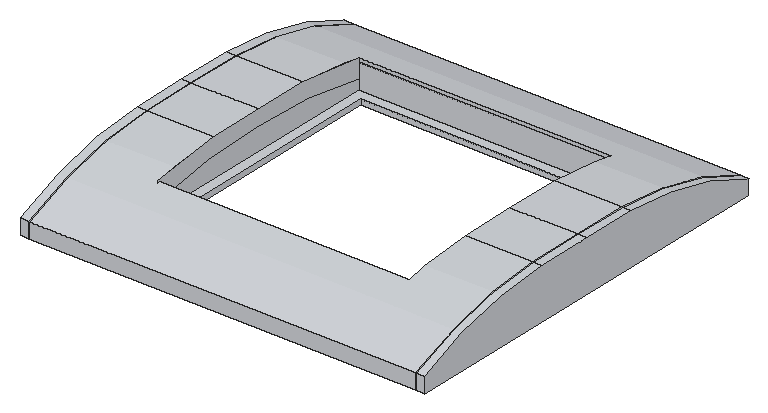
Revit family "Gira_021171", category Electrical Fixtures, host Face, Revit 2017
Family settings
  Host = Face
  Maintain Annotation Orientation = No
  Round Connector Dimension = Use Diameter
  Part Type = Normal
  Cut with Voids When Loaded = No
  Shared = No
  Room Calculation Point = No
Parameters (values of type "Abdeckrahmen 1f Zwischenr. F Alu Gira Event Reinweiß m")
  Werkstoffgüte = "Thermoplast"
  Werkstoff = "Kunststoff"
  URL = "http://katalog.gira.de/de_DE/datenblatt.html?artikelnr=021171"
  Transparent = "No"
  Textfeld/Beschriftungsfläche = "No"
  Schutzart (IP) = "IP20"
  Region = "DE"
  Oberfläche = "sonstige"
  Name = "Abdeckrahmen 1f Zwischenr. F Alu Gira Event Reinweiß m"
  Montagerichtung = "horizontal und vertikal"
  Mit Montagerahmen = "No"
  Mit Klappdeckel = "No"
  Manufacturer URL = "https://www.gira.de/"
  Keynote = "Event_Rahmen_1fach"
  HeinzeBIM = "https://bimportal.heinze.de/bim/abdeckrahmen-1f-zwischenr-f-alu-gira-event-reinweiss-m/036c7d6e9e4e5d44e5ad7e4e570318e6bf12a1b6"
  Halogenfrei = "Yes"
  HAN = "021171"
  Geeignet für Unterputz-Installation = "Yes"
  Geeignet für Unterflurkanaldose = "No"
  Geeignet für Geräteeinbaukanal = "No"
  Geeignet für Einbauinstallation = "No"
  GTIN = "4010337211716"
  Farbe = "weiß"
  Default Elevation = 1219.2 mm
  Data sheet (1) = "https://katalog.gira.de/de_DE/download.html?artikelnr=021171"
  Category = "Abdeckrahmen"
  Befestigungsart = "Klemmbefestigung"
  Available = "Yes"
  Anzahl der Einheiten vertikal = "1 "
  Anzahl der Einheiten horizontal = "1 "
  Anzahl der Einheiten = "1 "
Reference planes
  plane 1 "Center (Front/Back)": y = 0
  plane 2: z = 0
  plane 3 "Center (Left/Right)": x = 0
Forms (mm)
  Extrusion 1, solid, detail levels fine
    sketch origin (0, 0, 1.55) x (0, 1, 0) y (0, 0, 1)
      loop
        arc (12.445, 9.683) -> (6.223, 9.833) -> (0, 9.85) r 291.636
        arc (0, 9.85) -> (-6.223, 9.833) -> (-12.445, 9.683) r 291.636
        arc (-12.445, 9.683) -> (-29.14, 7.482) -> (-45, 1.823) r 79.728
        line (-45, 1.823) -> (-45, -1.55) -> (-41.777, -1.55) -> (-41.777, -0.55)
        arc (-41.777, -0.55) -> (-21.205, 4.846) -> (0, 6.467) r 118.15
        arc (0, 6.467) -> (21.205, 4.846) -> (41.777, -0.55) r 118.15
        line (41.777, -0.55) -> (41.777, -1.55) -> (45, -1.55) -> (45, 1.823)
        arc (45, 1.823) -> (29.14, 7.482) -> (12.445, 9.683) r 79.728
    from -43 to 43
  Extrusion 2, void, detail levels fine
    sketch origin (0, 0, 0) x (1, 0, 0) y (0, 1, 0)
      loop
        line (-28, -28) -> (28, -28) -> (28, 28) -> (-28, 28) -> (-28, -28)
    from 2.85 to 12
  Extrusion 3, solid, detail levels coarse
    sketch origin (0, 0, 0) x (1, 0, 0) y (0, 1, 0)
      loop
        line (-45, 45) -> (-45, -45) -> (45, -45) -> (45, 45) -> (-45, 45)
    from 0 to 11.4
  Extrusion 4, solid, detail levels medium
    sketch origin (0, 0, 1.55) x (0, 1, 0) y (0, 0, 1)
      loop
        arc (12.445, 9.683) -> (6.223, 9.833) -> (0, 9.85) r 291.636
        arc (0, 9.85) -> (-6.223, 9.833) -> (-12.445, 9.683) r 291.636
        arc (-12.445, 9.683) -> (-29.14, 7.482) -> (-45, 1.823) r 79.728
        line (-45, 1.823) -> (-45, -1.55) -> (45, -1.55) -> (45, 1.823)
        arc (45, 1.823) -> (29.14, 7.482) -> (12.445, 9.683) r 79.728
    from -45 to 45
  Extrusion 5, solid, detail levels fine
    sketch origin (0, 0, 0) x (0, 1, 0) y (0, 0, 1)
      loop
        arc (45, 3.373) -> (29.14, 9.032) -> (12.445, 11.233) r 79.728
        arc (12.445, 11.233) -> (6.223, 11.383) -> (0, 11.4) r 291.636
        arc (0, 11.4) -> (-6.223, 11.383) -> (-12.445, 11.233) r 291.636
        arc (-12.445, 11.233) -> (-29.14, 9.032) -> (-45, 3.373) r 79.728
        line (-45, 3.373) -> (-45, 0) -> (45, 0) -> (45, 3.373)
    from 43 to 45
  Extrusion 6, solid, detail levels fine
    sketch origin (0, 0, 0) x (0, 1, 0) y (0, 0, -1)
      loop
        line (45, -3.373) -> (45, 0) -> (-45, 0) -> (-45, -3.373)
        arc (-45, -3.373) -> (-29.14, -9.032) -> (-12.445, -11.233) r 79.728
        arc (-12.445, -11.233) -> (-6.223, -11.383) -> (0, -11.4) r 291.636
        arc (0, -11.4) -> (6.223, -11.383) -> (12.445, -11.233) r 291.636
        arc (12.445, -11.233) -> (29.14, -9.032) -> (45, -3.373) r 79.728
    from 43 to 45
  Extrusion 7, solid, detail levels fine
    sketch origin (0, 0, 0) x (1, 0, 0) y (0, 1, 0)
      loop
        line (-25.7, 25.7) -> (-25.7, -25.7) -> (25.7, -25.7) -> (25.7, 25.7) -> (-25.7, 25.7)
      loop
        line (-29.495, 27.895) -> (-29.495, -27.895)
        spline (-29.495, -27.895) -> (-29.486, -28.025) -> (-29.461, -28.154) -> (-29.419, -28.278) -> (-29.361, -28.395) -> (-29.288, -28.504) -> (-29.202, -28.602) -> (-29.104, -28.688) -> (-28.995, -28.761) -> (-28.878, -28.819) -> (-28.754, -28.861) -> (-28.625, -28.886) -> (-28.495, -28.895)
        line (-28.495, -28.895) -> (28.495, -28.895)
        spline (28.495, -28.895) -> (28.625, -28.886) -> (28.754, -28.861) -> (28.878, -28.819) -> (28.995, -28.761) -> (29.104, -28.688) -> (29.202, -28.602) -> (29.288, -28.504) -> (29.361, -28.395) -> (29.419, -28.278) -> (29.461, -28.154) -> (29.486, -28.025) -> (29.495, -27.895)
        line (29.495, -27.895) -> (29.495, 27.895)
        spline (29.495, 27.895) -> (29.486, 28.025) -> (29.461, 28.154) -> (29.419, 28.278) -> (29.361, 28.395) -> (29.288, 28.504) -> (29.202, 28.602) -> (29.104, 28.688) -> (28.995, 28.761) -> (28.878, 28.819) -> (28.754, 28.861) -> (28.625, 28.886) -> (28.495, 28.895)
        line (28.495, 28.895) -> (-28.495, 28.895)
        spline (-28.495, 28.895) -> (-28.625, 28.886) -> (-28.754, 28.861) -> (-28.878, 28.819) -> (-28.995, 28.761) -> (-29.104, 28.688) -> (-29.202, 28.602) -> (-29.288, 28.504) -> (-29.361, 28.395) -> (-29.419, 28.278) -> (-29.461, 28.154) -> (-29.486, 28.025) -> (-29.495, 27.895)
    from 1.673 to 8.5
Cuts and joins
  Extrusion 2 cuts Extrusion 1
  Extrusion 2 cuts Extrusion 7
Dimensions and locks
  aligned and locked: plane 2 to host face
  aligned and locked: level to host face
